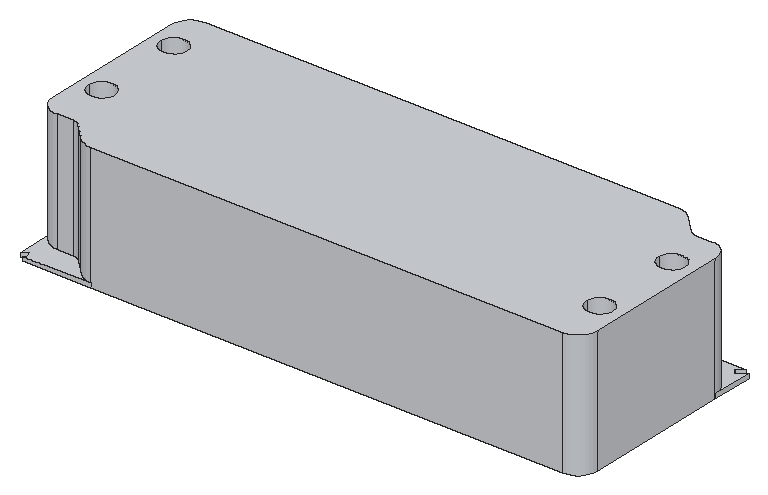
Revit family "XD35012.1", category Luminarias, Revit 2019
Family settings
  Cota de conector redondo = Diámetro de uso
  Tipo de pieza = Normal
  Se basa en plano de trabajo = Sí
  Siempre vertical = No
  Corte con vacíos al cargar = No
  Origen de luz = No
  Compartido = Sí
  Punto de cálculo de habitación = No
Parameters (values of type "FUENTE_XD35012.1")
  Keynote = ""
  Modelo = "XD35012.1"
  Lamp = ""
  Fabricante = "BRILLANT"
  Default Elevation = 1219.2 mm
  Descripción = "FUENTE DE ALIMENTACION DIMEABLE CON UNA CAPACIDAD DE 12.3W, ALIMENTACION ENTRADA 100-130VAC/50-60Hz, SALIDA 20-35VDC, 350mA, IP 20"
  Comentarios de vataje = "20-35//100-130V"
Reference planes
  plane 1 "Centro (Frontal/Posterior)": y = 0
  plane 2: z = 0
  plane 3 "Centro (Izquierda/Derecha)": x = 0
  plane 4: x = -72
  plane 5: x = 72
  plane 6: y = 27
  plane 7: y = -27
  plane 8: z = 24
Forms (mm)
  Extrusion 1, solid
    sketch origin (0, 0, 0) x (1, 0, 0) y (0, 1, 0)
      loop
        line (72, 15.446) -> (72, 26.043) -> (69.744, 24.463) -> (68.845, 25.748) -> (70.633, 27) -> (53.197, 27)
        arc (53.197, 27) -> (55.455, 26.407) -> (57.373, 25.078) r 6.72
        line (57.373, 25.078) -> (61.426, 21.025)
        arc (61.426, 21.025) -> (62.177, 20.661) -> (62.984, 20.446) r 4.349
        line (62.984, 20.446) -> (67, 20.446)
        arc (67, 20.446) -> (70.536, 18.981) -> (72, 15.446) r 5
      loop
        line (-72, -15.446) -> (-72, -26.043) -> (-70.688, -25.124) -> (-69.789, -26.409) -> (-70.633, -27) -> (-53.197, -27)
        arc (-53.197, -27) -> (-55.457, -26.413) -> (-57.373, -25.078) r 6.628
        line (-57.373, -25.078) -> (-61.426, -21.025)
        arc (-61.426, -21.025) -> (-62.177, -20.661) -> (-62.984, -20.446) r 4.349
        line (-62.984, -20.446) -> (-67, -20.446)
        arc (-67, -20.446) -> (-70.536, -18.981) -> (-72, -15.446) r 5
    from 0 to 1.098
  Extrusion 2, solid
    sketch origin (0, 0, 0) x (1, 0, 0) y (0, 1, 0)
      loop
        arc (-67, 27) -> (-70.536, 25.536) -> (-72, 22) r 5
        line (-72, 22) -> (-72, -15.446)
        arc (-72, -15.446) -> (-70.536, -18.981) -> (-67, -20.446) r 5
        line (-67, -20.446) -> (-62.984, -20.446)
        arc (-62.984, -20.446) -> (-62.177, -20.661) -> (-61.426, -21.025) r 4.349
        line (-61.426, -21.025) -> (-57.373, -25.078)
        arc (-57.373, -25.078) -> (-55.455, -26.407) -> (-53.197, -27) r 6.72
        line (-53.197, -27) -> (67, -27)
        arc (67, -27) -> (70.536, -25.536) -> (72, -22) r 5
        line (72, -22) -> (72, 15.446)
        arc (72, 15.446) -> (70.536, 18.981) -> (67, 20.446) r 5
        line (67, 20.446) -> (62.984, 20.446)
        arc (62.984, 20.446) -> (62.177, 20.661) -> (61.426, 21.025) r 4.349
        line (61.426, 21.025) -> (57.373, 25.078)
        arc (57.373, 25.078) -> (55.455, 26.407) -> (53.197, 27) r 6.72
        line (53.197, 27) -> (-67, 27)
    from 0 to 32
  Extrusion 3, void
    sketch origin (0, 0, 0) x (1, 0, 0) y (0, 1, 0)
      loop
        circle (-66.139, 15.641) r 3.386
      loop
        circle (-66.139, -7.35) r 3.386
      loop
        circle (66.139, 9.087) r 3.386
      loop
        circle (66.139, -13.904) r 3.386
    from 28.426 to 32
Cuts and joins
  Extrusion 3 cuts Extrusion 2
Dimensions and locks
  equal spacing: plane 4, plane 3 "Centro (Izquierda/Derecha)", plane 5
  plane 4 to plane 3 "Centro (Izquierda/Derecha)" = 72 mm
  plane 4 to plane 5 = 144 mm
  equal spacing: plane 6, plane 1 "Centro (Frontal/Posterior)", plane 7
  plane 8 to level = 24 mm
  plane 1 "Centro (Frontal/Posterior)" to plane 6 = 27 mm
  plane 6 to plane 7 = 54 mm
  plane 5 to plane 4 = 144 mm
  aligned and locked: level to plane 2
Automatic sketch dimensions
  Extrusion 1 sketch curve to plane 4 = 0 mm  (x2)
  Extrusion 1 sketch curve to plane 7 = 0 mm
  Extrusion 1 sketch curve to plane 6 = 0 mm
  Extrusion 1 sketch curve to plane 5 = 0 mm  (x2)
  plane 4 to Extrusion 1 sketch curve = 1.312 mm
  plane 4 to Extrusion 1 sketch curve = 1.367 mm
  plane 7 to Extrusion 1 sketch curve = 0.591 mm
  Extrusion 1 sketch curve to Extrusion 1 sketch curve = 0.845 mm
  plane 4 to Extrusion 1 sketch curve = 5 mm
  plane 7 to Extrusion 1 sketch curve = 2.263 mm
  Extrusion 1 sketch curve to Extrusion 1 sketch curve = 3.306 mm
  Extrusion 1 sketch curve to Extrusion 1 sketch curve = 4.016 mm
  Extrusion 1 sketch curve to Extrusion 1 sketch curve = 1.558 mm  (x2)
  plane 7 to Extrusion 1 sketch curve = 1.922 mm
  Extrusion 1 sketch curve to Extrusion 1 sketch curve = 4.053 mm  (x2)
  Extrusion 1 sketch curve to Extrusion 1 sketch curve = 4.176 mm
  plane 7 to Extrusion 1 sketch curve = 6.608 mm
  Extrusion 1 sketch curve to plane 6 = 6.697 mm
  Extrusion 1 sketch curve to plane 5 = 19.354 mm
  Extrusion 1 sketch curve to Extrusion 1 sketch curve = 0.552 mm
  Extrusion 1 sketch curve to plane 6 = 1.922 mm
  Extrusion 1 sketch curve to plane 6 = 2.263 mm
  Extrusion 1 sketch curve to Extrusion 1 sketch curve = 0.71 mm
  Extrusion 1 sketch curve to plane 5 = 5 mm
  Extrusion 1 sketch curve to plane 6 = 1.252 mm
  Extrusion 1 sketch curve to plane 5 = 3.155 mm
  Extrusion 1 sketch curve to Extrusion 1 sketch curve = 0.899 mm
  Extrusion 1 sketch curve to plane 5 = 1.367 mm
  Extrusion 1 sketch curve to Extrusion 1 sketch curve = 3.711 mm
  Extrusion 1 sketch curve to Extrusion 1 sketch curve = 9.018 mm
  Extrusion 1 sketch curve to Extrusion 1 sketch curve = 0 mm  (x2)
  Extrusion 2 sketch curve to plane 4 = 0 mm
  Extrusion 2 sketch curve to plane 6 = 0 mm
  Extrusion 2 sketch curve to plane 7 = 0 mm
  Extrusion 2 sketch curve to plane 5 = 0 mm
  plane 4 to Extrusion 2 sketch curve = 5 mm
  Extrusion 2 sketch curve to Extrusion 2 sketch curve = 5 mm
  plane 7 to Extrusion 2 sketch curve = 2.263 mm
  Extrusion 2 sketch curve to Extrusion 2 sketch curve = 3.306 mm
  Extrusion 2 sketch curve to Extrusion 2 sketch curve = 4.016 mm
  Extrusion 2 sketch curve to Extrusion 2 sketch curve = 1.558 mm  (x2)
  plane 7 to Extrusion 2 sketch curve = 1.922 mm
  Extrusion 2 sketch curve to Extrusion 2 sketch curve = 4.053 mm  (x2)
  Extrusion 2 sketch curve to Extrusion 2 sketch curve = 4.176 mm
  plane 7 to Extrusion 2 sketch curve = 6.697 mm
  Extrusion 2 sketch curve to plane 6 = 6.697 mm
  Extrusion 2 sketch curve to plane 5 = 19.354 mm
  Extrusion 2 sketch curve to Extrusion 2 sketch curve = 0.552 mm
  Extrusion 2 sketch curve to plane 6 = 1.922 mm
  Extrusion 2 sketch curve to Extrusion 2 sketch curve = 0.71 mm
  Extrusion 2 sketch curve to plane 5 = 5 mm  (x2)
  Extrusion 2 sketch curve to Extrusion 2 sketch curve = 3.711 mm
  Extrusion 2 sketch curve to plane 6 = 11.554 mm
  Extrusion 2 sketch curve to Extrusion 2 sketch curve = 0.58 mm
  plane 4 to Extrusion 3 sketch curve = 5.861 mm  (x2)
  Extrusion 3 sketch curve to plane 5 = 5.861 mm  (x2)
  plane 7 to Extrusion 3 sketch curve = 13.096 mm
  plane 1 "Centro (Frontal/Posterior)" to Extrusion 3 sketch curve = 7.35 mm
  Extrusion 3 sketch curve to plane 1 "Centro (Frontal/Posterior)" = 9.087 mm
  Extrusion 3 sketch curve to plane 6 = 11.359 mm
  radius of Extrusion 3 sketch curve = 3.386 mm  (x4)
Connectors
  electrical at (72, -3.277, 16)
    settings: on cut or joined group of Extrusion 2, Extrusion 3, index 1, voltage 130 V, apparent load 0 VA, apparent load phase1 0 VA, apparent load phase2 0 VA, apparent load phase3 0 VA, power factor 1, load classification "Otro", number of poles 1, system type 31, power factor state 1, is connector primary yes, connector utility no, sub classification motor no, connector description ""
  electrical at (-72, 3.277, 16)
    settings: on cut or joined group of Extrusion 2, Extrusion 3, index 2, voltage 35 V, apparent load 0 VA, apparent load phase1 0 VA, apparent load phase2 0 VA, apparent load phase3 0 VA, power factor 1, load classification "Otro", number of poles 1, system type 31, power factor state 1, is connector primary no, connector utility no, sub classification motor no, connector description ""
